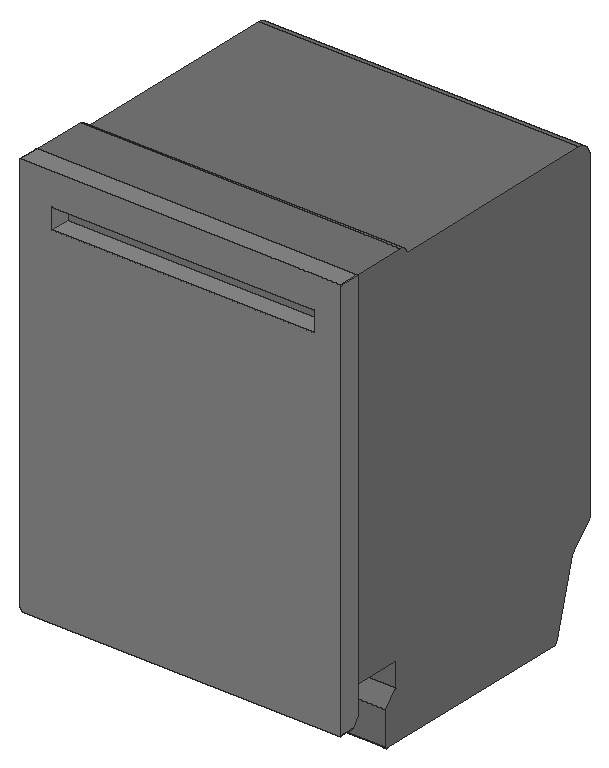
Revit family "DDW24M999U_Revit", category Specialty Equipment, Revit 2014
Parameters (values of type "DDW24M999U")
  Zone Booster = "Yes"
  Width = 23 1/2"
  Wide Pocket Handle = "Yes"
  WaterWall™ = "Yes"
  Water Consumption (gallons/cycle) = "3.2"
  Volts (V) = "120"
  Unit = Plastic-Black
  Tub Material = "Stainless Steel"
  Total Programs = "7"
  Total Options = "8"
  Time Remaining Indicator = "Yes"
  Speed Booster = "Yes"
  Smart Control (Wi-Fi) = "Yes"
  Self Clean = "Yes"
  Sanitize = "Yes"
  Rinse Only = "Yes"
  Normal = "Yes"
  Noise Level (dBA) = "42"
  Model = "DDW24M999U"
  Maximum Dish Size = "12”"
  Manufacturer = "Dacor"
  Leakage Sensor = "Yes"
  Hidden Touch = "Yes"
  Hi-Temp Wash = "Yes"
  Height = 32 1/4"
  Heavy = "Yes"
  Heater Watts = "1100"
  Heater Position = "Hidden"
  Half Load = "Yes"
  Frequency (Hz) = "60"
  Foldable Cup Shelves = "Yes"
  Fold Down Tines = "Yes"
  FINISH = "STAINLESS STEEL"
  Express 60 = "Yes"
  Energy Star Certified = "Yes"
  Energy Source = "Electric"
  Door = Stainless Steel
  Display Light Color = "White"
  Display = Glass, Frosted
  Description = "24-INCH DISHWASHER MODERNIST COLLECTION"
  Depth = 22 3/4"
  Delicate = "Yes"
  Delay Start = "Yes (1-24 Hrs)"
  Cydle Time (min) - Normal Cycle = "114-150"
  Cutlery Tray = "Yes"
  Cutlery Basket = "Yes"
  Control Lock = "Yes"
  Circuit Breaker (A) = "15"
  Capacity - 14 Place Settings = "Yes"
  Capacity (Place Settings) = "14"
  Cancel and Drain Button = "Yes"
  Basket Handle = "Yes"
  Auto Door Open - AutoRelease = "Yes"
  Auto = "Yes"
  Annual Consumption (kWh/yr) = "239"
  Adjustable Tines = "Yes"
  Adjustable Height = "Yes"
Reference planes (in)
  plane 1 "Center (Front/Back)": y = 0
  plane 2: z = 0
  plane 3 "Center (Left/Right)": x = 0
  plane 4: y = 11.375
  plane 5: y = -11.375
  plane 6: x = -11.75
  plane 7: x = 11.75
  plane 8: z = 32.25
  plane 9: y = -13.25
  plane 10: y = -9.875
  plane 11: z = 5.375
  plane 12: x = -11.71378
  plane 13: x = 11.71378
  plane 14: y = -7.125
  plane 15: z = 2.625
Forms (in)
  Extrusion 1, solid, material "Stainless Steel" <- "Door"
    sketch origin (0, 0, 0) x (1, 0, 0) y (0, 0, 1)
      loop
        arc (-11.68779, 32.25) -> (-11.73178, 32.23178) -> (-11.75, 32.18779) r 0.06221
        line (-11.75, 32.18779) -> (-11.75, 2.95695)
        arc (-11.75, 2.95695) -> (-11.65495, 2.72749) -> (-11.4255, 2.63244) r 0.3245
        line (-11.4255, 2.63244) -> (11.6875, 2.63244)
        arc (11.6875, 2.63244) -> (11.73169, 2.65075) -> (11.75, 2.69494) r 0.0625
        line (11.75, 2.69494) -> (11.75, 32.1875)
        arc (11.75, 32.1875) -> (11.73169, 32.23169) -> (11.6875, 32.25) r 0.0625
        line (11.6875, 32.25) -> (-11.68779, 32.25)
      loop
        line (-9.41974, 29.93008) -> (-9.41974, 28.43008) -> (9.83026, 28.43008) -> (9.83026, 29.93008) -> (-9.41974, 29.93008)
    from 9.875 to 11.375
  Extrusion 2, solid, material "Plastic-Black" <- "Unit"
    sketch origin (0, 0, 0) x (0, 1, 0) y (0, 0, 1)
      loop
        line (-9.9375, 32.1875) -> (-9.9375, 5.375) -> (-6.35736, 5.375) -> (-6.35736, 3.6376) -> (-7.22339, 2.56815) -> (-7.22339, 0.09427)
        arc (-7.22339, 0.09427) -> (-7.19578, 0.02761) -> (-7.12912, 0) r 0.09427
        line (-7.12912, 0) -> (8.00642, 0)
        arc (8.00642, 0) -> (8.2528, 0.08244) -> (8.39995, 0.29655) r 0.4094
        line (8.39995, 0.29655) -> (9.7964, 5.16652)
        arc (9.7964, 5.16652) -> (9.87995, 5.361) -> (10.00953, 5.52836) r 0.83862
        line (10.00953, 5.52836) -> (11.22855, 6.74738)
        arc (11.22855, 6.74738) -> (11.33694, 6.90959) -> (11.375, 7.10093) r 0.5
        line (11.375, 7.10093) -> (11.375, 30.69751)
        arc (11.375, 30.69751) -> (11.08211, 31.40461) -> (10.375, 31.69751) r 1
        line (10.375, 31.69751) -> (-5.17852, 31.69751)
        arc (-5.17852, 31.69751) -> (-5.32237, 31.74304) -> (-5.41382, 31.86305) r 0.25
        arc (-5.41382, 31.86305) -> (-5.59306, 32.09826) -> (-5.875, 32.1875) r 0.48999
        line (-5.875, 32.1875) -> (-9.9375, 32.1875)
    from -11.71378 to 11.71378
  Extrusion 3, solid, material "Glass, Frosted" <- "Display"
    sketch origin (0, -11.375, 0) x (1, 0, 0) y (0, 0, 1)
      loop
        line (-9.41974, 29.93008) -> (-9.41974, 28.43008) -> (9.83026, 28.43008) -> (9.83026, 29.93008) -> (-9.41974, 29.93008)
    from 0 to -1.5
  Extrusion 4, void
    sketch origin (0, 0, 0) x (0, 1, 0) y (0, 0, 1)
      loop
        line (-10.40016, 2.58907) -> (-9.71525, 2.58907) -> (-9.71525, 3.33907) -> (-9.875, 3.33907) -> (-10.40016, 2.58907)
    from -11.75 to 11.75
Cuts and joins
  Extrusion 4 cuts Extrusion 1
Dimensions and locks (in)
  equal spacing: plane 6, plane 3 "Center (Left/Right)", plane 7
  "Width": plane 6 to plane 7
  equal spacing: plane 4, plane 1 "Center (Front/Back)", plane 5
  "Depth": plane 4 to plane 5
  "Height": plane 8 to plane 2
  plane 5 to plane 9 = 1 7/8"
  locked: plane 10 to plane 5 at 1.5
  plane 11 to plane 2 = 5 3/8"
  locked: plane 12 to plane 6 at 0.03622
  locked: plane 13 to plane 7 at 0.03622
  plane 10 to plane 14 = 2 3/4"
  plane 15 to plane 2 = 2 5/8"
  aligned and locked: level to plane 2
  aligned and locked: Extrusion 1 to plane 5
  aligned and locked: plane 10 to Extrusion 1
  aligned and locked: Extrusion 1 to plane 6
  aligned and locked: plane 7 to Extrusion 1
  aligned and locked: Extrusion 2 to plane 12
  aligned and locked: plane 13 to Extrusion 2
Automatic sketch dimensions
  Extrusion 2 sketch curve to plane 11 = 0"
  Extrusion 2 sketch curve to level = 0"
  Extrusion 2 sketch curve to plane 4 = 0"
  Extrusion 2 sketch curve to plane 4 = 0.14645"
  Extrusion 2 sketch curve to Extrusion 2 sketch curve = 1/2"
  Extrusion 2 sketch curve to plane 4 = 0.77247"
  Extrusion 2 sketch curve to Extrusion 2 sketch curve = 1"
  plane 11 to Extrusion 2 sketch curve = 0.15336"
  Extrusion 2 sketch curve to Extrusion 2 sketch curve = 0.59299"
  Extrusion 2 sketch curve to plane 11 = 0.20848"
  Extrusion 2 sketch curve to Extrusion 2 sketch curve = 0.21314"
  level to Extrusion 2 sketch curve = 0.29655"
  Extrusion 2 sketch curve to plane 4 = 2.97505"
  Extrusion 2 sketch curve to Extrusion 2 sketch curve = 0.39354"
  Extrusion 2 sketch curve to plane 8 = 0.55249"
  plane 14 to Extrusion 2 sketch curve = 1.94648"
  Extrusion 2 sketch curve to plane 8 = 1/16"
  Extrusion 2 sketch curve to Extrusion 2 sketch curve = 0.69648"
  plane 14 to Extrusion 2 sketch curve = 0.76764"
  Extrusion 2 sketch curve to plane 14 = 0.00412"
  Extrusion 2 sketch curve to Extrusion 2 sketch curve = 0.09427"
  Extrusion 2 sketch curve to plane 10 = 1/16"
  plane 15 to Extrusion 2 sketch curve = 0.05685"
  Extrusion 2 sketch curve to plane 15 = 1.0126"
  plane 11 to Extrusion 2 sketch curve = 1.37238"
  Extrusion 2 sketch curve to Extrusion 2 sketch curve = 0.48999"
  Extrusion 2 sketch curve to Extrusion 2 sketch curve = 1/4"
  Extrusion 1 sketch curve to plane 6 = 0"
  Extrusion 1 sketch curve to plane 8 = 0"
  Extrusion 1 sketch curve to plane 7 = 0"
  plane 12 to Extrusion 1 sketch curve = 0.02599"
  Extrusion 1 sketch curve to plane 15 = 0.00744"
  plane 12 to Extrusion 1 sketch curve = 0.28829"
  plane 12 to Extrusion 1 sketch curve = 2.29404"
  plane 13 to Extrusion 1 sketch curve = 1.88352"
  plane 13 to Extrusion 1 sketch curve = 0.02628"  (x2)
  Extrusion 1 sketch curve to plane 8 = 3.81992"
  Extrusion 1 sketch curve to Extrusion 1 sketch curve = 1 1/2"
  Extrusion 3 sketch curve to Extrusion 1 = 0"  (x3)
  Extrusion 1 to Extrusion 3 sketch curve = 0"
  Extrusion 4 sketch curve to plane 10 = 0"
  plane 10 to Extrusion 4 sketch curve = 0.15975"
  Extrusion 4 sketch curve to plane 15 = 0.71407"
  Extrusion 4 sketch curve to plane 10 = 0.52516"
  plane 15 to Extrusion 4 sketch curve = 0.03593"
